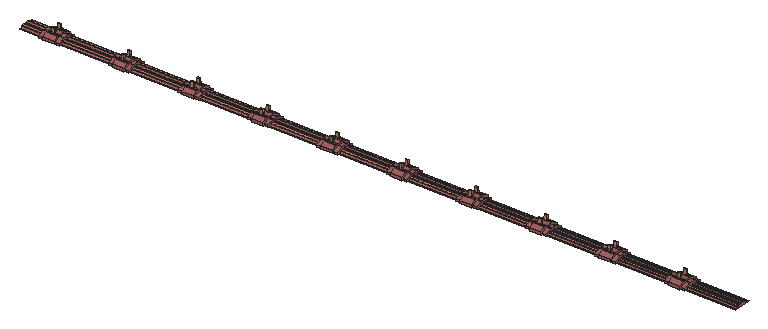
Revit family "BirdControl_Wire_BirdBGone_Jolt2002", category Specialty Equipment, Revit 2017
Family settings
  Round Connector Dimension = Use Diameter
  Part Type = Normal
  OmniClass Number = 23.40.10.14.14.99
  OmniClass Title = Other Manufactured Exterior Specialties
  Cut with Voids When Loaded = No
  Shared = No
  Room Calculation Point = No
Parameters (values of type "Wire System")
  Warranty Duration (Years) = 0
  URL = "http://www.birdbgone.com/"
  Test Data = "http://www.birdbgone.com/bird-control-product-msds"
  Supports_Array [instance] = if(Supports > 1, Supports, 2)  # 10
  Supports [instance] = if(not(Int < Length Div), Int, Int + 1)  # 10
  Spacing = 0' - 7"
  Int [instance] = Length Div  # 10
  Specification = "http://www.arcat.com/sdspecs/htm/10290bir.htm"
  SpecWizard = ""
  Send Message = "http://www.arcat.com/users.pl?action=UserEmail&company=Bird-B-Gone,%20Inc.&coid=38371&rep=147&fax=949-472-3116&mf="
  Sales Information = "http://www.birdbgone.com/bird-control-store/"
  Revision = "R1_10-2010"
  Product Properties = "http://www.arcat.com/bim/bim_info.pl?fn=BirdBGone"
  Product Data = "http://www.arcat.com/arcatcos/cos38/arc38371.html"
  Model = "As Specified in 10 81 19"
  Material = Plastic - Bird B Gone - Polycarbonate - Brick Red
  Manufacturer Website = "http://www.birdbgone.com/"
  Manufacturer Phone - Toll Free = "800-392-6915"
  Manufacturer Phone = "949-472-3122"
  Manufacturer Fax = "949-472-3116"
  Manufacturer Address = "23918 Skyline, Mission Viejo, CA 92692"
  Manufacturer = "Bird-B-Gone, Inc."
  Maintenance Schedule (Months) = 0
  Length Div [instance] = ([built-in parameter 1001306] - 0' 3") / Spacing  # 9.8571
  built-in parameter 1001306 [instance] = 6' - 0"
  Keynote = "10 81 19"
  Installation-Fabrication = "http://www.birdbgone.com/installation-instructions"
  Installation Phase = ""
  Green Building-LEED = "http://www.arcat.com/green/clients/leed_data_38371.html"
  Expected Lifespan (Years) = 0
  Drawn By = "Robert S. Weygant, CSI, CDT, SCIP"
  Description = "Bird Control Equipment as Specified in 10 81 19"
  Copyright = "2010 ARCAT, Inc."
  Construction Details = "http://www.arcat.com/details/birdbgon/birdbgon.html?coid=38371"
  Building Codes = "http://www.birdbgone.com/knowledge-center/"
  Assembly Code = "E1090900"
  Angle_Start [instance] = 0.00°
  Angle_End [instance] = 0.00°
Reference planes (in)
  plane 1 "Center (Front/Back)": y = 0
  plane 2: z = 0
  plane 3 "Left": x = 0
  plane 4 "Right": x = 72
  plane 5 "Wire": z = 1
Forms (in)
  Extrusion 1, void
    sketch origin (0, 0, 0) x (1, 0, 0) y (0, 1, 0)
      loop
        line (72, 1) -> (72, -0.875) -> (85, -0.875) -> (85, 1) -> (72, 1)
    from 0 to 1.38967
  Extrusion 2, void
    sketch origin (0, 0, 0) x (1, 0, 0) y (0, 1, 0)
      loop
        line (-13, 0.89512) -> (-13, -0.82796) -> (0, -0.82796) -> (0, 0.89512) -> (-13, 0.89512)
    from 0 to 1.60875
  Extrusion 3, solid, material "Plastic - Bird B Gone - Polycarbonate - Brick Red" <- "Material"
    sketch origin (0, 0, 0) x (0, 1, 0) y (0, 0, 1)
      loop
        line (-0.8125, 0) -> (0.8125, 0) -> (0.8125, 0.05302)
        arc (0.8125, 0.05302) -> (0.48535, 0.17766) -> (0.14046, 0.23777) r 1.831
        line (0.14046, 0.23777) -> (0.14046, 0.3071)
        arc (0.14046, 0.3071) -> (0, 0.3125) -> (-0.14046, 0.3071) r 1.831
        line (-0.14046, 0.3071) -> (-0.14046, 0.23777)
        arc (-0.14046, 0.23777) -> (-0.48535, 0.17766) -> (-0.8125, 0.05302) r 1.831
        line (-0.8125, 0.05302) -> (-0.8125, 0)
    from -2.40049 to 76.6163
  Extrusion 4, solid, material "Metal - Copper - Bird B Gone"
    sketch origin (0, 0, 0) x (0, 1, 0) y (0, 0, 1)
      loop
        arc (0.36195, 0.20703) -> (0.45768, 0.18504) -> (0.5521, 0.15794) r 1.831
        line (0.5521, 0.15794) -> (0.57274, 0.22062)
        arc (0.57274, 0.22062) -> (0.47505, 0.2498) -> (0.37589, 0.2735) r 1.831
        line (0.37589, 0.2735) -> (0.36195, 0.20703)
      loop
        line (-0.57274, 0.22062) -> (-0.5521, 0.15794)
        arc (-0.5521, 0.15794) -> (-0.45768, 0.18504) -> (-0.36195, 0.20703) r 1.831
        line (-0.36195, 0.20703) -> (-0.37589, 0.2735)
        arc (-0.37589, 0.2735) -> (-0.47505, 0.2498) -> (-0.57274, 0.22062) r 1.831
    from -2.40049 to 76.6163
Cuts and joins
  Extrusion 1, Extrusion 2 cuts Extrusion 3
  Extrusion 1, Extrusion 2 cuts Extrusion 4
Lines and regions (in)
  reference lines
    curve 1: line (0, 0, 0) -> (72, 0, 0)
    curve 2: line (0, 0, 1) -> (0, 1.91806, 1)
    curve 3: line (72, 0, 1) -> (72, 18.5, 1)
Dimensions and locks (in)
  "built-in parameter 1001306": plane 3 "Left" to plane 4 "Right"
  equal spacing: group 1, group 2, group 3, group 4, group 5, group 6, group 7, group 8, group 9, group 10  (x3)
  locked: plane 5 "Wire" to level at 1
  locked: plane 3 "Left" to nested 1 at 3
  locked: plane 4 "Right" to Extrusion 1 sketch curve at 13
  locked: Extrusion 2 sketch curve to plane 3 "Left" at 13
  Extrusion 2 sketch curve to plane 1 "Center (Front/Back)" to Extrusion 2 sketch curve = 0' - 0.82796" locked, 0' - 0.89512" locked
  Extrusion 1 sketch curve to plane 1 "Center (Front/Back)" to Extrusion 1 sketch curve = 0' - 0 7/8" locked, 0' - 1" locked
  locked: plane 4 "Right" to Extrusion 3 at 4.6163
  locked: plane 4 "Right" to Extrusion 4 at 4.6163
  "Spacing": nested 1 to nested 2
  "Angle_End": angle plane 4 "Right" to curve 3
  "Angle_Start": angle plane 3 "Left" to curve 2
  aligned and locked: plane 4 "Right" to curve 1
  aligned and locked: plane 3 "Left" to curve 1
  aligned and locked: Extrusion 1 sketch curve to curve 3
  aligned and locked: Extrusion 2 sketch curve to curve 2
Automatic sketch dimensions
  curve 1 to plane 1 "Center (Front/Back)" = 0' - 0"
  curve 3 to plane 1 "Center (Front/Back)" = 0' - 0"
  curve 3 to plane 4 "Right" = 0' - 0"
  curve 2 to plane 1 "Center (Front/Back)" = 0' - 0"
  curve 2 to plane 3 "Left" = 0' - 0"
  Extrusion 3 sketch curve to Extrusion 3 sketch curve = 0' - 0"  (x2)
  Extrusion 3 sketch curve to level = 0' - 0"
  Extrusion 3 sketch curve to plane 1 "Center (Front/Back)" = 0' - 0"  (x2)
  plane 1 "Center (Front/Back)" to Extrusion 3 sketch curve = 0' - 0.14046"
  Extrusion 3 sketch curve to Extrusion 3 sketch curve = 0' - 0.67204"  (x2)
  Extrusion 3 sketch curve to plane 1 "Center (Front/Back)" = 0' - 0.14046"
  level to Extrusion 3 sketch curve = 0' - 0.05302"
  Extrusion 3 sketch curve to level = 0' - 1.5185"
  Extrusion 3 sketch curve to Extrusion 3 sketch curve = 0' - 0.06934"  (x2)
  Extrusion 3 sketch curve to Extrusion 3 sketch curve = 0' - 0.05302"
  Extrusion 4 sketch curve to Extrusion 4 sketch curve = 0' - 0"  (x4)
  Extrusion 4 sketch curve to plane 1 "Center (Front/Back)" = 0' - 0"  (x2)
  plane 1 "Center (Front/Back)" to Extrusion 4 sketch curve = 0' - 0.36195"
  Extrusion 4 sketch curve to Extrusion 4 sketch curve = 0' - 0.01394"  (x2)
  Extrusion 4 sketch curve to Extrusion 4 sketch curve = 0' - 0.19015"  (x2)
  Extrusion 4 sketch curve to Extrusion 4 sketch curve = 0' - 0.02064"  (x2)
  level to Extrusion 4 sketch curve = 0' - 0 53/256"
  Extrusion 4 sketch curve to plane 1 "Center (Front/Back)" = 0' - 0.36195"
  level to Extrusion 4 sketch curve = 0' - 0.2735"
  level to Extrusion 4 sketch curve = 0' - 0.15794"  (x2)
  level to Extrusion 4 sketch curve = 0' - 0.22062"
  Extrusion 4 sketch curve to Extrusion 4 sketch curve = 0' - 0.06268"
Nested families (in)
  nested 1: "Support_Jolt" at (3, 0, 0) x (0, 1, 0) z (0, 0, 1), Material <- "Material", type "BirdBGone template - Standalone"
    with offset 0' - 0", Unit Height 0' - 0 3/4", Material Plastic - Bird B Gone - Polycarbonate - Brick Red
  nested 2: "Support_Jolt" at (10, 0, 0) x (0, 1, 0) z (0, 0, 1), Material <- "Material", type "BirdBGone template - Standalone"
    with offset 0' - 0", Unit Height 0' - 0 3/4", Material Plastic - Bird B Gone - Polycarbonate - Brick Red
  nested 3: "Support_Jolt" at (17, 0, 0) x (0, 1, 0) z (0, 0, 1), Material <- "Material", type "BirdBGone template - Standalone"
    with offset 0' - 0", Unit Height 0' - 0 3/4", Material Plastic - Bird B Gone - Polycarbonate - Brick Red
  nested 4: "Support_Jolt" at (24, 0, 0) x (0, 1, 0) z (0, 0, 1), Material <- "Material", type "BirdBGone template - Standalone"
    with offset 0' - 0", Unit Height 0' - 0 3/4", Material Plastic - Bird B Gone - Polycarbonate - Brick Red
  nested 5: "Support_Jolt" at (31, 0, 0) x (0, 1, 0) z (0, 0, 1), Material <- "Material", type "BirdBGone template - Standalone"
    with offset 0' - 0", Unit Height 0' - 0 3/4", Material Plastic - Bird B Gone - Polycarbonate - Brick Red
  nested 6: "Support_Jolt" at (38, 0, 0) x (0, 1, 0) z (0, 0, 1), Material <- "Material", type "BirdBGone template - Standalone"
    with offset 0' - 0", Unit Height 0' - 0 3/4", Material Plastic - Bird B Gone - Polycarbonate - Brick Red
  nested 7: "Support_Jolt" at (45, 0, 0) x (0, 1, 0) z (0, 0, 1), Material <- "Material", type "BirdBGone template - Standalone"
    with offset 0' - 0", Unit Height 0' - 0 3/4", Material Plastic - Bird B Gone - Polycarbonate - Brick Red
  nested 8: "Support_Jolt" at (52, 0, 0) x (0, 1, 0) z (0, 0, 1), Material <- "Material", type "BirdBGone template - Standalone"
    with offset 0' - 0", Unit Height 0' - 0 3/4", Material Plastic - Bird B Gone - Polycarbonate - Brick Red
  nested 9: "Support_Jolt" at (59, 0, 0) x (0, 1, 0) z (0, 0, 1), Material <- "Material", type "BirdBGone template - Standalone"
    with offset 0' - 0", Unit Height 0' - 0 3/4", Material Plastic - Bird B Gone - Polycarbonate - Brick Red
  nested 10: "Support_Jolt" at (66, 0, 0) x (0, 1, 0) z (0, 0, 1), Material <- "Material", type "BirdBGone template - Standalone"
    with offset 0' - 0", Unit Height 0' - 0 3/4", Material Plastic - Bird B Gone - Polycarbonate - Brick Red
Definition of nested family "Support_Jolt"
  Parameters
    offset [instance] = 0' - 0"
    Warranty Duration (Years) = 0
    Unit Width = 0' - 7"
    Unit Height [instance] = 0' - 0 3/4"
    Unit Depth = 0' - 0 1/4"
    URL = "http://www.birdbgone.com/"
    Test Data = "http://www.birdbgone.com/bird-control-product-msds"
    Specification = "http://www.arcat.com/sdspecs/htm/10290bir.htm"
    SpecWizard = ""
    Send Message = "http://www.arcat.com/users.pl?action=UserEmail&company=Bird-B-Gone,%20Inc.&coid=38371&rep=147&fax=949-472-3116&mf="
    Sales Information = "http://www.birdbgone.com/bird-control-store/"
    Revision = "R1_10-2010"
    Product Properties = "http://www.arcat.com/bim/bim_info.pl?fn=BirdBGone"
    Product Data = "http://www.arcat.com/arcatcos/cos38/arc38371.html"
    Model = "As Specified in 10 81 19"
    Material [instance] = none
    Manufacturer Website = "http://www.birdbgone.com/"
    Manufacturer Phone - Toll Free = "800-392-6915"
    Manufacturer Phone = "949-472-3122"
    Manufacturer Fax = "949-472-3116"
    Manufacturer Address = "23918 Skyline, Mission Viejo, CA 92692"
    Manufacturer = "Bird-B-Gone, Inc."
    Maintenance Schedule (Months) = 0
    Keynote = "10 81 19"
    Installation-Fabrication = "http://www.birdbgone.com/installation-instructions"
    Installation Phase = ""
    Green Building-LEED = "http://www.arcat.com/green/clients/leed_data_38371.html"
    Expected Lifespan (Years) = 0
    Drawn By = "Robert S. Weygant, CSI, CDT, SCIP"
    Description = "Bird Control Equipment as Specified in 10 81 19"
    Copyright = "wt"
    Construction Details = "http://www.arcat.com/details/birdbgon/birdbgon.html?coid=38371"
    Building Codes = "http://www.birdbgone.com/knowledge-center/"
    Assembly Code = "E1090900"
  Reference planes (in)
    plane 1 "Center (Front/Back)": y = 0
    plane 2 "Bottom": z = 0
    plane 3 "Center (Left/Right)": x = 0
  Forms (in)
    Extrusion 1, solid, material <- "Material"
      sketch origin (0, 0, 0) x (1, 0, 0) y (0, 0, 1)
        loop
          line (-0.90625, 0) -> (-0.8125, 0) -> (-0.8125, 0.05302)
          arc (-0.8125, 0.05302) -> (-0.68431, 0.11048) -> (-0.5521, 0.15794) r 1.831
          line (-0.5521, 0.15794) -> (-0.57274, 0.22062)
          arc (-0.57274, 0.22062) -> (-0.47505, 0.2498) -> (-0.37589, 0.2735) r 1.831
          line (-0.37589, 0.2735) -> (-0.36195, 0.20703)
          arc (-0.36195, 0.20703) -> (-0.25167, 0.22578) -> (-0.14046, 0.23777) r 1.831
          line (-0.14046, 0.23777) -> (-0.14046, 0.3071)
          arc (-0.14046, 0.3071) -> (0, 0.3125) -> (0.14046, 0.3071) r 1.831
          line (0.14046, 0.3071) -> (0.14046, 0.23777)
          arc (0.14046, 0.23777) -> (0.25167, 0.22578) -> (0.36195, 0.20703) r 1.831
          line (0.36195, 0.20703) -> (0.37589, 0.2735)
          arc (0.37589, 0.2735) -> (0.47505, 0.2498) -> (0.57274, 0.22062) r 1.831
          line (0.57274, 0.22062) -> (0.5521, 0.15794)
          arc (0.5521, 0.15794) -> (0.68431, 0.11048) -> (0.8125, 0.05302) r 1.831
          line (0.8125, 0.05302) -> (0.8125, 0) -> (0.90625, 0) -> (0.90625, 0.16592) -> (0.25447, 0.39035) -> (0.25447, 0.4375) -> (-0.25447, 0.4375) -> (-0.25447, 0.39035) -> (-0.90625, 0.16592) -> (-0.90625, 0)
      from -1.03125 to 1.03125
    Extrusion 2, solid, material <- "Material"
      sketch origin (0, 0, 0) x (1, 0, 0) y (0, 0, 1)
        loop
          line (0.90625, 0) -> (1, 0) -> (1, 0.23279) -> (0.51456, 0.47067) -> (0.30916, 0.47067) -> (0.30916, 0.53125) -> (-0.30916, 0.53125) -> (-0.30916, 0.47067) -> (-0.51456, 0.47067) -> (-1, 0.23279) -> (-1, 0) -> (-0.90625, 0) -> (-0.90625, 0.16592) -> (-0.25447, 0.39035) -> (-0.25447, 0.4375) -> (0.25447, 0.4375) -> (0.25447, 0.39035) -> (0.90625, 0.16592) -> (0.90625, 0)
      from -0.57813 to 0.57813
    Extrusion 3, solid
      sketch origin (0, 0, 0) x (0, 1, 0) y (0, 0, -1)
        loop
          line (0.1367, -1.0625) -> (0.1367, -0.73073) -> (0.17354, -0.73073) -> (0.17354, -0.69198) -> (0.03867, -0.53125) -> (0.24738, -0.53125) -> (0.24738, -0.47067) -> (-0.24738, -0.47067) -> (-0.24738, -0.53125) -> (-0.03867, -0.53125) -> (-0.17354, -0.69198) -> (-0.17354, -0.73073) -> (-0.1367, -0.73073) -> (-0.1367, -1.0625) -> (0.1367, -1.0625)
      from 0.40625 to 0.34375
    Extrusion 4, solid
      sketch origin (0, 0, 0) x (0, 1, 0) y (0, 0, 1)
        loop
          line (0.1367, 1.0625) -> (-0.1367, 1.0625) -> (-0.1367, 0.73073) -> (-0.17354, 0.73073) -> (-0.17354, 0.69198) -> (-0.03867, 0.53125) -> (-0.24738, 0.53125) -> (-0.24738, 0.47067) -> (0.24738, 0.47067) -> (0.24738, 0.53125) -> (0.03867, 0.53125) -> (0.17354, 0.69198) -> (0.17354, 0.73073) -> (0.1367, 0.73073) -> (0.1367, 1.0625)
      from 0.40625 to 0.34375
